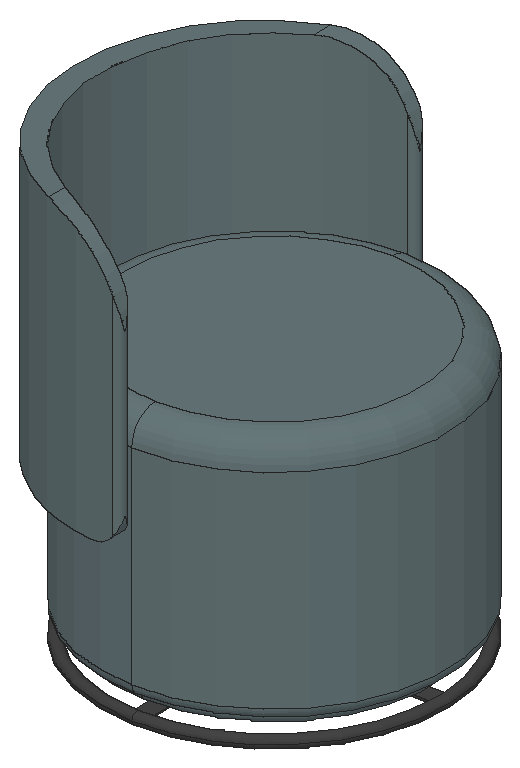
Revit family "Furniture_Chair_Tablet 6.3", category Furniture, Revit 2019
Family settings
  OmniClass Number = 23.21.23.15.17
  Work Plane-Based = Yes
  Always vertical = No
  Cut with Voids When Loaded = No
  Shared = No
  Room Calculation Point = No
Parameters (values of type "TABLET 6.3")
  Youtube clip = ""
  Uniformat II Description = "Movable Furnishings"
  Uniformat II Code = ""
  Uniclass 2015 Name = ""
  Uniclass 2015 Code = ""
  Uniclass 2.0 Description = ""
  Uniclass 2.0 Code = ""
  Uniclass 1.4 Description = ""
  Uniclass 1.4 Code = ""
  UNSPSC Code = ""
  Technical description = ""
  Shell Material = Leather - Polygon AK002
  Frame Material = Steel - Black
  Region South America = "All"
  Region Oceania = "All"
  Region North America = "All"
  Region Middle East = "All"
  Region Europe = "All"
  Region Asia = "All"
  Region Antarctica = "All"
  Region Africa = "All"
  QR code = "https://www.sandlerseating.com/product/tablet-6-3/"
  Product url = "https://www.sandlerseating.com/product/tablet-6-3/"
  Product name = "TABLET 6.3"
  Product group = "Chair"
  Product family = "Furniture"
  Product data url = "https://www.sandlerseating.com/product/tablet-6-3/"
  Product certification = ""
  Product SKU = "??"
  Product Guid = "??"
  OmniClass Description = ""
  OmniClass Code = "23-21 23 15 17"
  NBS Reference Description = ""
  NBS Reference Code = ""
  Model = "TABLET 6.3"
  Masterformat 2014 Description = "Chair Mats"
  Masterformat 2014 Code = "12 48 43.13"
  Manufacturer name = "Sandler"
  Manufacturer country = "USA"
  Manufacturer = "Sandler"
  Installation instructions = ""
  IFC Classification = "Furnishing Element"
  GTIN code = ""
  Edition number = 1
  Design country = "Brasil"
  Description = "Chair"
  Default Elevation = 0.000 mm
  Date of publishing = ""
  COBIe Type Category = ""
  Brand url = "https://www.sandlerseating.com/"
  BIMobject main category code = "furniture"
  BIMobject main category = "Furniture"
  BIMobject category code = "furniture-chair"
  BIMobject category = "Chair"
Reference planes
  plane 1 "Center Front/Back": y = 0
  plane 2: z = 0
  plane 3 "Center Left/Right": x = 0
  plane 4: x = -255
  plane 5: x = 255
  plane 6: y = -255
  plane 7: y = 255
  plane 8: x = -330
  plane 9: x = 330
  plane 10: y = 345
  plane 11: z = 480
  plane 12: z = 45
  plane 13: x = 15
  plane 14: x = -15
  plane 15: y = -15
  plane 16: y = 15
  plane 17: z = 765
Forms (mm)
  Extrusion 1, solid, material "Leather - Polygon AK002" <- "Shell Material"
    sketch origin (0, 0, 800) x (0, -1, 0) y (1, 0, 0)
      loop
        circle (0, 0) r 305
    from -755 to -320
  Extrusion 2, solid, material "Leather - Polygon AK002" <- "Shell Material"
    sketch origin (0, 0, 785) x (0, -1, 0) y (1, 0, 0)
      loop
        circle (0, 0) r 285
    from -756.836 to -740
  Revolve 3, solid, material "Steel - Black" <- "Frame Material"
    sketch origin (0, 0, 0) x (0, 1, 0) y (0, 0, 1)
      loop
        circle (-295, 10) r 10
      axis (0, 10) -> (0, 11)
    angle from 0 to 360
  Extrusion 4, solid, material "Steel - Black" <- "Frame Material"
    sketch origin (0, 0, 800.625) x (0, -1, 0) y (1, 0, 0)
      loop
        arc (284.722, -15) -> (285.074, 0.004) -> (284.488, 15) r 240
        line (284.488, 15) -> (15, 15) -> (15, 286.214)
        arc (15, 286.214) -> (0.005, 286.829) -> (-15, 286.505) r 240
        line (-15, 286.505) -> (-15, 15) -> (-284.652, 15)
        arc (-284.652, 15) -> (-285.022, -0.003) -> (-284.454, -15) r 240
        line (-284.454, -15) -> (-15, -15) -> (-15, -285.318)
        arc (-15, -285.318) -> (-0.004, -285.909) -> (15, -285.561) r 240
        line (15, -285.561) -> (15, -15) -> (284.722, -15)
    from -792.396 to -790
  Extrusion 5, solid, material "Steel - Black" <- "Frame Material"
    sketch origin (0, 0, 800) x (0, -1, 0) y (1, 0, 0)
      loop
        circle (0, 0) r 15
    from -789.375 to -771.836
  Extrusion 6, solid, material "Leather - Polygon AK002" <- "Shell Material"
    sketch origin (0, 0, 800) x (0, -1, 0) y (1, 0, 0)
      loop
        arc (330, -15) -> (317.914, -2.33) -> (304.687, -13.803) r 12.685
        arc (304.687, -13.803) -> (0, -305) -> (-304.687, -13.803) r 305
        arc (-304.687, -13.803) -> (-317.914, -2.33) -> (-330, -15) r 12.685
        arc (-330, -15) -> (0, -345) -> (330, -15) r 330
    from -518.696 to -35
  Sweep 7, void
    path in 3D
      loop
        arc (0, -305, 480) -> (-305, 0, 480) -> (0, 305, 480) r 305
        arc (0, 305, 480) -> (305, 0, 480) -> (0, -305, 480) r 305
    profile origin (305, 0, 480) x (1, 0, 0) y (0, 0, 1)
      loop
        line (0, 0) -> (-50, 0)
        arc (-50, 0) -> (-14.645, -14.645) -> (0, -50) r 50
        line (0, -50) -> (0, 0)
      loop
        line (0, -435) -> (0, -415)
        arc (0, -415) -> (-5.858, -429.142) -> (-20, -435) r 20
        line (-20, -435) -> (0, -435)
  Sweep 8, void
    path in 3D
      loop
        arc (0, 285, 28.164) -> (-285, 0, 28.164) -> (0, -285, 28.164) r 285
        arc (0, -285, 28.164) -> (285, 0, 28.164) -> (0, 285, 28.164) r 285
    profile origin (285, 0, 28.164) x (1, 0, 0) y (0, 0, -1)
      loop
        line (0, -16.836) -> (0, 0) -> (-15, 0)
        arc (-15, 0) -> (-4.294, -5.562) -> (0, -16.836) r 16.949
  Extrusion 9, void
    sketch origin (0, 0, 0) x (1, 0, 0) y (0, 0, 1)
      loop
        arc (-145, 765) -> (-43.68, 718.514) -> (-2.31, 615) r 150.187
        line (-2.31, 615) -> (-2.31, 765) -> (-145, 765)
    from -335.045 to 337.659
  Extrusion 10, void
    sketch origin (0, 0, 0) x (1, 0, 0) y (0, 0, 1)
      loop
        line (-2.315, 281.304) -> (-2.315, 331.304)
        arc (-2.315, 331.304) -> (-16.96, 295.949) -> (-52.315, 281.304) r 50
        line (-52.315, 281.304) -> (-2.315, 281.304)
    from -345 to 342.572
Cuts and joins
  Sweep 7 cuts Extrusion 1
  Sweep 7, Extrusion 9, Extrusion 10 cuts Extrusion 6
  Sweep 8 cuts Extrusion 2
Lines and regions (mm)
  sketch lines
    curve 1: arc (0, 305, 480) -> (305, 0, 480) -> (0, -305, 480) r 305
    curve 2: arc (0, -305, 480) -> (-305, 0, 480) -> (0, 305, 480) r 305
    curve 3: arc (0, -285, 28.164) -> (285, 0, 28.164) -> (0, 285, 28.164) r 285
    curve 4: arc (0, 285, 28.164) -> (-285, 0, 28.164) -> (0, -285, 28.164) r 285
Dimensions and locks
  aligned and locked: level to plane 2
